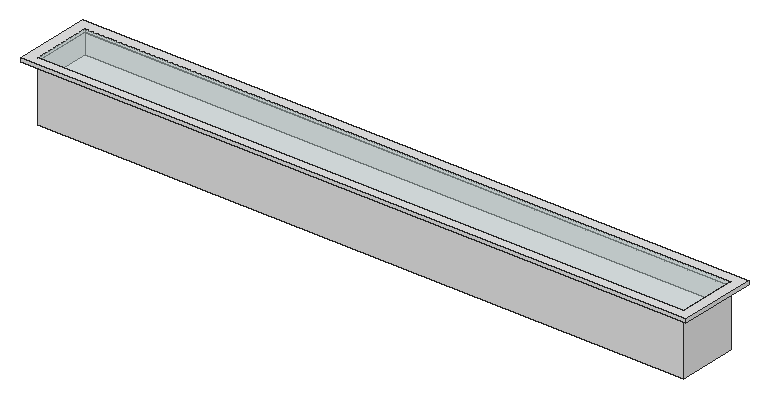
Revit family "L44", category Lighting Fixtures, host Face, Revit 2012
Parameters (values of type "44L-xx-D-04-SGL-Cx-35K-D040 (AGI)")
  Watts = 20 W
  Wattage = 20 W
  built-in parameter 1150110 = 1 (stored number, unit not read)
  Voltage = if(Is 120V, 120 V, 277 V)  # 277 V
  built-in parameter 1114217 = 1 (stored number, unit not read)
  Tilt Angle = -90.00°  # constant formula
  built-in parameter 1150109 = 1 (stored number, unit not read)
  built-in parameter 1150134 = (empty or 0)
  built-in parameter 1150113 = 1 (stored number, unit not read)
  Photometric Web File = "44L-xx-D-04-SGL-Cx-35K-D040 (AGI).ies"
  Is 277V = not(Is 120V)  # yes
  Is 120V = no
  Emit from Rectangle Width = 0' - 3 1/2"  # constant formula
  Emit from Rectangle Length = Length - 0' 2"  # 3' - 10"
  Emit Shape Visible in Rendering = no
  Circuiting = "1 Circuit"  # constant formula
  zzLength1 = 0' - 5 5/8"
  Distribution = "Direct"  # constant formula
  built-in parameter 1150105 = 188.25 (stored number, unit not read)
  Lumens = 2365.6 lm
  built-in parameter 1150115 = 1 (stored number, unit not read)
  Load Classification = Lighting
  built-in parameter 1150137 = (empty or 0)
  built-in parameter 1150139 = (empty or 0)
  Length = 4' - 0"
  Wattage Comments = "20W-23.2W"
  URL = "http://www.litecontrol.com/"
  Product Page URL = "http://www.litecontrol.com/44-r"
  Product Documentation Link = "http://www.litecontrol.com/stuff/contentmgr/files/2/05866edf5fe461d0eeeb81973e889689/file/44_r.pdf"
  Model = "L44"  # constant formula
  Manufacturer Phone = "781-294-0100"  # constant formula
  Manufacturer Fax = "781-293-2849"  # constant formula
  Manufacturer = "Litecontrol Lighting"  # constant formula
  built-in parameter 1150112 = 1 (stored number, unit not read)
  built-in parameter 1150114 = 1 (stored number, unit not read)
  Lamp = "LED Lamp"  # constant formula
  Opal lens = Hubbell - Glass
  built-in parameter 1150132 = 1
  built-in parameter 1150102 = (empty or 0)
  built-in parameter 1150107 = 3500 (stored number, unit not read)
  built-in parameter 1150138 = (empty or 0)
  built-in parameter 1150106 = 1.8825 (stored number, unit not read)
  built-in parameter 1150104 = 10.989 (stored number, unit not read)
  Dimming Lamp Color Temperature Shift = <None>
  Description = "Mod™ 44 LED Recessed"  # constant formula
  Default Elevation = 4' - 0"
  Color Filter = 16777215
  built-in parameter 1114218 = 1 (stored number, unit not read)
  Material Finish = Hubbell - Paint - White
  Dimming = "D10"  # constant formula
  built-in parameter 1150133 = 10 (stored number, unit not read)
  Apparent Load = 20 VA
Types (4): name | Photometric Web File
  (no name) | "44L-xx-D-04-SGL-Cx-35K-D040 (AGI).ies"
  44L-xx-D-04-SGL-Cx-35K-D040 (AGI) | "44L-xx-D-04-SGL-Cx-35K-D040 (AGI).ies"
  44L-xx-D-04-SGL-Cx-35K-D050 (AGI) | "44L-xx-D-04-SGL-Cx-35K-D050 (AGI).ies"
  44L-xx-D-04-SGL-Cx-35K-D075 (AGI) | "44L-xx-D-04-SGL-Cx-35K-D075 (AGI).ies"
Reference planes (in)
  plane 1 "Center (Front/Back)": y = 13.01342
  plane 2: z = 0
  plane 3 "Center (Left/Right)": x = 0
  plane 4: x = -24
  plane 5: x = 24
  plane 6: x = -2.8125
  plane 7: x = 2.8125
  plane 8: z = -4.125
Forms (in)
  Extrusion 1, void
    sketch origin (0, 0, 0) x (1, 0, 0) y (0, 1, 0)
      loop
        line (-23.3173, 15.13892) -> (-23.3173, 10.88792) -> (23.313, 10.88792) -> (23.313, 15.13892) -> (-23.3173, 15.13892)
    from 0 to -4.125
Dimensions and locks (in)
  equal spacing: plane 5, plane 3 "Center (Left/Right)", plane 4
  "Length": plane 5 to plane 4
  equal spacing: plane 7, plane 3 "Center (Left/Right)", plane 6
  "zzLength1": plane 7 to plane 6
  locked: plane 2 to plane 8 at 4.125
  aligned and locked: plane 2 to host face
  aligned and locked: level to host face
  aligned and locked: nested 1 to plane 3 "Center (Left/Right)"
  aligned and locked: plane 3 "Center (Left/Right)" to imposter light
  aligned and locked: nested 1 to plane 1 "Center (Front/Back)"
  aligned and locked: plane 2 to imposter light
  aligned and locked: nested 1 to Extrusion 1 sketch curve  (x3)
  aligned and locked: Extrusion 1 sketch curve to nested 1
  aligned and locked: Extrusion 1 to plane 8
Automatic sketch dimensions
  host sketch curve to host sketch curve = 8' - 0"  (x2)
Nested families (in)
  nested 1: "L44" at (0, 27.08934, -4.125) x (-1, 0, 0) z (0, 0, 1), Opal lens <- "Opal lens", Ballast <- "Material Finish", type "Model"
    with Opal lens Hubbell - Glass, Ballast Hubbell - Paint - White
Connectors (in)
  electrical at (-0.00215, 13.01342, -4.125), driven by "Load Classification", driven by "Voltage", driven by "Apparent Load"
    settings: on nested 1, index 1, voltage 277 V, apparent load 20 VA, apparent load phase1 0 VA, apparent load phase2 0 VA, apparent load phase3 0 VA, power factor 1, load classification "Lighting", number of poles 1, system type 30, power factor state 1, is connector primary yes, connector utility no, sub classification motor no, connector description "Lighting Connector"
Definition of nested family "L44"
  Parameters (values of type "Model")
    Width = 0' - 5 5/8"
    Wattage Comments = ""
    Length = 4' - 0"
    URL = ""
    Product Page URL = ""
    Product Documentation Link = ""
    Model = ""
    Manufacturer Phone = ""
    Manufacturer Fax = ""
    Manufacturer = ""
    Opal lens [instance] = Hubbell - Glass
    Lamp = ""
    Description = ""  # constant formula
    Default Elevation = 4' - 0"
    Ballast [instance] = Hubbell - Paint - White
  Reference planes (in)
    plane 1 "Center (Front/Back)": y = 14.07592
    plane 2: z = 0
    plane 3 "Center (Left/Right)": x = 0
    plane 4: x = 24
    plane 5: x = -24
    plane 6: x = -23.313
    plane 7: x = 23.3173
    plane 8: y = 16.88842
    plane 9: y = 11.26342
    plane 10: z = 2.75
    plane 11: y = 16.20142
    plane 12: y = 11.95042
    plane 13: z = 4.375
    plane 14: x = -23.253
    plane 15: x = 23.2573
    plane 16: y = 16.14142
    plane 17: y = 12.01042
  Forms (in)
    Extrusion 1, solid
      sketch origin (0, 12.79105, 0) x (1, 0, 0) y (0, 1, 0)
        loop
          line (-48, 48) -> (-48, -48) -> (48, -48) -> (48, 48) -> (-48, 48)
      from 0 to -6
    Extrusion 2, solid, material "Hubbell - Glass" <- "Opal lens"
      sketch origin (0, 0, 0) x (1, 0, 0) y (0, 1, 0)
        loop
          line (-23.313, 16.20142) -> (-23.313, 11.95042) -> (23.3173, 11.95042) -> (23.3173, 16.20142) -> (-23.313, 16.20142)
      from 4.12511 to 4.375
    Extrusion 3, solid, material "Hubbell - Paint - White" <- "Ballast"
      sketch origin (0, 0, 0) x (1, 0, 0) y (0, 1, 0)
        loop
          line (-24, 16.88842) -> (-24, 11.26342) -> (24, 11.26342) -> (24, 16.88842) -> (-24, 16.88842)
        loop
          line (23.3173, 16.20142) -> (-23.313, 16.20142) -> (-23.313, 11.95042) -> (23.3173, 11.95042) -> (23.3173, 16.20142)
      from 4.12511 to 4.375
    Extrusion 4, solid, material "Hubbell - Paint - White" <- "Ballast"
      sketch origin (0, 0, 0) x (1, 0, 0) y (0, 1, 0)
        loop
          line (-23.313, 16.20142) -> (-23.313, 11.95042) -> (23.3173, 11.95042) -> (23.3173, 16.20142) -> (-23.313, 16.20142)
      from 0 to 4.12511
    Extrusion 5, void
      sketch origin (0, 0, 0) x (1, 0, 0) y (0, 1, 0)
        loop
          line (-23.253, 16.14142) -> (-23.253, 12.01042) -> (23.2573, 12.01042) -> (23.2573, 16.14142) -> (-23.253, 16.14142)
      from 2.75 to 4.12511
  Cuts and joins
    Extrusion 5 cuts Extrusion 2
    Extrusion 5 cuts Extrusion 3
    Extrusion 5 cuts Extrusion 4
  Dimensions and locks (in)
    "Length": plane 5 to plane 4
    equal spacing: plane 5, plane 3 "Center (Left/Right)", plane 4
    plane 10 to Extrusion 1 = 0' - 2 3/4"
    plane 1 "Center (Front/Back)" to plane 8 = 0' - 2 13/16"
    locked: plane 8 to plane 11 at 0.687
    locked: plane 12 to plane 9 at 0.687
    locked: plane 5 to plane 6 at 0.687
    locked: plane 7 to plane 4 at 0.6827
    plane 13 to plane 2 = 0' - 4 3/8"
    locked: plane 6 to plane 14 at 0.06
    locked: plane 11 to plane 16 at 0.06
    locked: plane 12 to plane 17 at 0.06
    locked: plane 15 to plane 7 at 0.06
    "Width": plane 8 to plane 9
    equal spacing: plane 8, plane 1 "Center (Front/Back)", plane 9
    aligned and locked: plane 2 to Extrusion 1
    aligned and locked: level to Extrusion 1
    aligned and locked: plane 11 to Extrusion 3 sketch curve
    aligned and locked: Extrusion 3 sketch curve to plane 12
    aligned and locked: Extrusion 2 sketch curve to plane 11
    aligned and locked: plane 12 to Extrusion 2 sketch curve
    aligned and locked: plane 4 to Extrusion 3
    aligned and locked: Extrusion 4 sketch curve to Extrusion 2  (x4)
  Automatic sketch dimensions
    Extrusion 1 sketch curve to Extrusion 1 sketch curve = 8' - 0"  (x2)
    plane 6 to Extrusion 3 sketch curve = 0' - 0"
    plane 7 to Extrusion 3 sketch curve = 0' - 0"
    Extrusion 3 sketch curve to plane 7 = 0' - 0.6827"
    Extrusion 3 sketch curve to plane 9 = 0' - 0"
    Extrusion 3 sketch curve to plane 6 = 0' - 0.687"
    Extrusion 3 sketch curve to plane 8 = 0' - 0"
    Extrusion 2 sketch curve to plane 6 = 0' - 0"
    Extrusion 2 sketch curve to plane 7 = 0' - 0"
    Extrusion 5 sketch curve to plane 14 = 0' - 0"
    Extrusion 5 sketch curve to plane 15 = 0' - 0"
    plane 17 to Extrusion 5 sketch curve = 0' - 0"
    Extrusion 5 sketch curve to plane 16 = 0' - 0"
